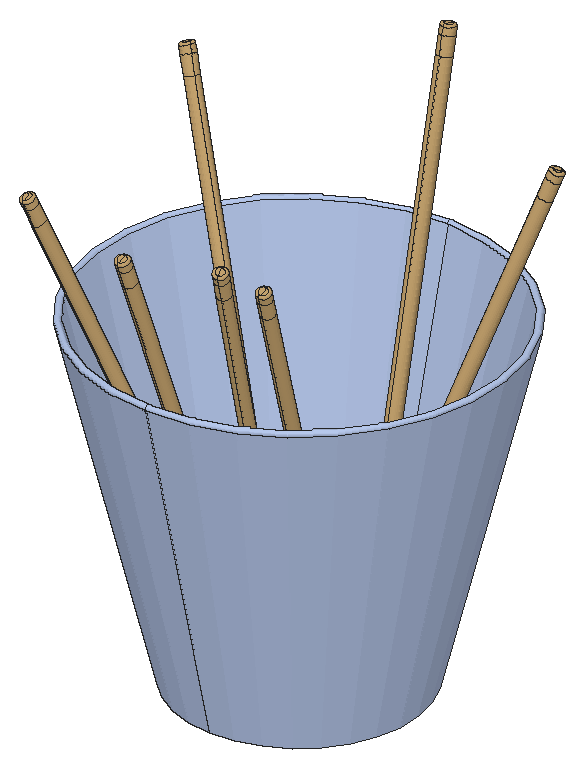
Revit family
Reference planes (in)
  plane 1 "Center (Front/Back)": y = 0
  plane 2: z = 0
  plane 3 "Center (Left/Right)": x = 0
Forms (in)
  Revolve 1, solid, material "Cup"
    sketch origin (0, 0, 0) x (0, 1, 0) y (0, 0, 1)
      loop
        line (0, 0) -> (0, 0.10404) -> (-1.43783, 0.10404) -> (-2.5057, 4.38701)
        arc (-2.5057, 4.38701) -> (-2.55751, 4.41815) -> (-2.58865, 4.36633) r 0.04275
        line (-2.58865, 4.36633) -> (-1.5, 0) -> (0, 0)
      axis (0, 4.38701) -> (0, 0)
    angle from 0 to 360
  Revolve 2, solid, material "Pencil"
    sketch origin (0, 0.21875, -0.125) x (0, 1, 0) y (0, 0, 1)
      loop
        line (-0.82075, 0.30161) -> (-3.15586, 6.3848) -> (-3.19899, 6.49715) -> (-3.25662, 6.47503)
        arc (-3.25662, 6.47503) -> (-3.27091, 6.46146) -> (-3.27143, 6.44176) r 0.02575
        line (-3.27143, 6.44176) -> (-3.23753, 6.35345) -> (-3.15299, 6.13322) -> (-1.02814, 0.5978) -> (-0.82075, 0.30161)
      axis (-0.82075, 0.30161) -> (-3.19899, 6.49715)
    angle from 0 to 360
  Revolve 3, solid, material "Pencil"
    sketch origin (-0.1141, 0.45293, -0.125) x (-0.34202, 0.939693, 0) y (0, 0, 1)
      loop
        line (-0.82075, 0.30161) -> (-3.15586, 6.3848) -> (-3.19899, 6.49715) -> (-3.25662, 6.47503)
        arc (-3.25662, 6.47503) -> (-3.27091, 6.46146) -> (-3.27143, 6.44176) r 0.02575
        line (-3.27143, 6.44176) -> (-3.23753, 6.35345) -> (-3.15299, 6.13322) -> (-1.02814, 0.5978) -> (-0.82075, 0.30161)
      axis (-0.82075, 0.30161) -> (-3.19899, 6.49715)
    angle from 0 to 360
  Revolve 4, solid, material "Pencil"
    sketch origin (0, 1.66962, -0.37668) x (0, 0.838671, -0.544639) y (0, 0.544639, 0.838671)
      loop
        line (-0.82075, 0.30161) -> (-3.15586, 6.3848) -> (-3.19899, 6.49715) -> (-3.25662, 6.47503)
        arc (-3.25662, 6.47503) -> (-3.27091, 6.46146) -> (-3.27143, 6.44176) r 0.02575
        line (-3.27143, 6.44176) -> (-3.23753, 6.35345) -> (-3.15299, 6.13322) -> (-1.02814, 0.5978) -> (-0.82075, 0.30161)
      axis (-0.82075, 0.30161) -> (-3.19899, 6.49715)
    angle from 0 to 360
  Revolve 5, solid, material "Pencil"
    sketch origin (0.71102, 0.72075, -0.16008) x (0, 1, 0) y (0.121869, 0, 0.992546)
      loop
        line (-0.82075, 0.30161) -> (-3.15586, 6.3848) -> (-3.19899, 6.49715) -> (-3.25662, 6.47503)
        arc (-3.25662, 6.47503) -> (-3.27091, 6.46146) -> (-3.27143, 6.44176) r 0.02575
        line (-3.27143, 6.44176) -> (-3.23753, 6.35345) -> (-3.15299, 6.13322) -> (-1.02814, 0.5978) -> (-0.82075, 0.30161)
      axis (-0.82075, 0.30161) -> (-3.19899, 6.49715)
    angle from 0 to 360
  Revolve 6, solid, material "Pencil"
    sketch origin (-0.61815, 0.79577, -0.13772) x (0, 1, 0) y (-0.173648, 0, 0.984808)
      loop
        line (-0.82075, 0.30161) -> (-3.15586, 6.3848) -> (-3.19899, 6.49715) -> (-3.25662, 6.47503)
        arc (-3.25662, 6.47503) -> (-3.27091, 6.46146) -> (-3.27143, 6.44176) r 0.02575
        line (-3.27143, 6.44176) -> (-3.23753, 6.35345) -> (-3.15299, 6.13322) -> (-1.02814, 0.5978) -> (-0.82075, 0.30161)
      axis (-0.82075, 0.30161) -> (-3.19899, 6.49715)
    angle from 0 to 360
  Revolve 7, solid, material "Pencil"
    sketch origin (0.43668, -0.24546, -0.16434) x (0.898794, -0.438371, 0) y (0, 0, 1)
      loop
        line (-0.82075, 0.30161) -> (-3.15586, 6.3848) -> (-3.19899, 6.49715) -> (-3.25662, 6.47503)
        arc (-3.25662, 6.47503) -> (-3.27091, 6.46146) -> (-3.27143, 6.44176) r 0.02575
        line (-3.27143, 6.44176) -> (-3.23753, 6.35345) -> (-3.15299, 6.13322) -> (-1.02814, 0.5978) -> (-0.82075, 0.30161)
      axis (-0.82075, 0.30161) -> (-3.19899, 6.49715)
    angle from 0 to 360
  Revolve 8, solid, material "Pencil"
    sketch origin (-0.29058, -0.39376, -0.22859) x (-0.798636, -0.601815, 0) y (0, 0, 1)
      loop
        line (-0.82075, 0.30161) -> (-3.15586, 6.3848) -> (-3.19899, 6.49715) -> (-3.25662, 6.47503)
        arc (-3.25662, 6.47503) -> (-3.27091, 6.46146) -> (-3.27143, 6.44176) r 0.02575
        line (-3.27143, 6.44176) -> (-3.23753, 6.35345) -> (-3.15299, 6.13322) -> (-1.02814, 0.5978) -> (-0.82075, 0.30161)
      axis (-0.82075, 0.30161) -> (-3.19899, 6.49715)
    angle from 0 to 360
